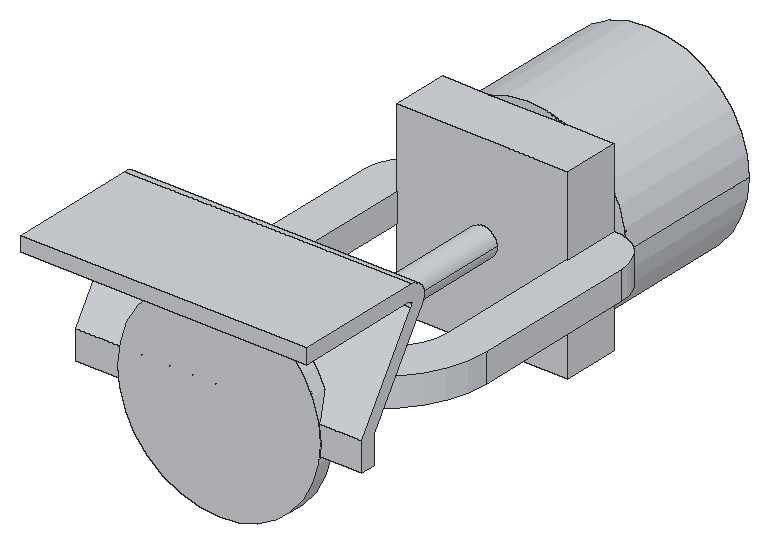
Revit family
Parameters (values of type "RASCO F1FR56 HSW")
  Temperature Rating = 200 °F
  Response = 1
  RASCO SIN # = "RA1435"
  RASCO Part # = "F1FR56H2W"
  Pressure Rating = "175 PSI"
  Pressure Class = (empty or 0)
  Orifice Size = 1/2"
  Orifice = (empty or 0)
  Model = "F1FR56"
  Manufacturer = "RASCO"
  K-Factor = 5.6
  Description = "White Finish"
  Coverage = (empty or 0)
Reference planes (in)
  plane 1 "Center (Front/Back)": y = 0
  plane 2: z = 0
  plane 3 "Center (Left/Right)": x = 0
Dimensions and locks (in)
  aligned and locked: plane 2 to level
Nested families (in)
  nested 1: "F1FR56H2W" at (0, 0, 0), type "RASCO  F1FR56 HSW"
Connectors (in)
  piping at (-0.01236, 1.34926, 1.25584)
    settings: on nested 1, index 1, connector radius 115/256", flow factor 0, pipe flow 0 GPM, pressure drop 0.00 psi, fitting loss kfactor 0, connector angle 0.00°, fixture units 0, flow configuration 0, flow direction 0, fitting loss method 0, system type 7, connector reference index -1, connector utility 0, adjustable connector no, is connector primary yes, fitting loss table "", connector description ""
Definition of nested family "F1FR56H2W"
  Parameters (values of type "RASCO  F1FR56 HSW")
    Type Comments = ""
    Temperature Rating = 0 °F
    Response = (empty or 0)
    Pressure Rating = "0"
    Pressure Class = (empty or 0)
    Orifice Size = 0"
    Orifice = (empty or 0)
    Model = ""
    Manufacturer = ""
    K-Factor = 0
    Description = ""
    Coverage = (empty or 0)
    Assembly Code = ""
  Reference planes (in)
    plane 1 "Center (Front/Back)": y = 0
    plane 2: z = 0
    plane 3 "ref.2": z = 0.6875
    plane 4 "ref.3": z = 0.9375
    plane 5: x = -0.38065
    plane 6: x = 0.36935
    plane 7 "ref. side 1": y = 0.06402
    plane 8 "ref. side 2": y = -0.06098
    plane 9 "ref.4": z = 1.875
    plane 10 "ref.5": z = 2.3125
    plane 11 "ref.6": z = 2.4375
    plane 12 "center": x = -0.00574
  Forms (in)
    Extrusion 1, solid
      sketch origin (-0.01236, 1.37309, 1.25584) x (-1, 0, 0) y (0, 0, -1)
        loop
          circle (0, 0) r 0.4379
      from 0.02383 to 0.6875
    Extrusion 2, solid
      sketch origin (0.10949, 0.68559, 1.20407) x (-1, 0, 0) y (0, 0, -1)
        loop
          line (-0.2588, 0.356) -> (-0.2588, -0.4565) -> (0.4912, -0.4565) -> (0.4912, 0.356) -> (-0.2588, 0.356)
      from 0 to 0.25
    Extrusion 3, solid
      sketch origin (-0.01236, 1.3722, 1.25584) x (-1, 0, 0) y (0, -1, 0)
        loop
          line (-0.38065, 0.68754) -> (-0.38065, 1.58397)
          arc (-0.38065, 1.58397) -> (-0.29541, 1.78976) -> (-0.08962, 1.875) r 0.29103
          line (-0.08962, 1.875) -> (0.07524, 1.875)
          arc (0.07524, 1.875) -> (0.28321, 1.78886) -> (0.36935, 1.58089) r 0.29411
          line (0.36935, 1.58089) -> (0.36935, 0.68751)
          arc (0.36935, 0.68751) -> (0.50207, 0.74393) -> (0.55685, 0.87734) r 0.18984
          line (0.55685, 0.87734) -> (0.55685, 1.61676)
          arc (0.55685, 1.61676) -> (0.42629, 1.93194) -> (0.11111, 2.0625) r 0.44574
          line (0.11111, 2.0625) -> (-0.12259, 2.0625)
          arc (-0.12259, 2.0625) -> (-0.43765, 1.932) -> (-0.56815, 1.61694) r 0.44556
          line (-0.56815, 1.61694) -> (-0.56815, 0.87876)
          arc (-0.56815, 0.87876) -> (-0.51345, 0.74486) -> (-0.38065, 0.68754) r 0.19126
      from -0.06402 to 0.06098
    Extrusion 4, solid
      sketch origin (-0.01236, 0.43559, 1.25584) x (1, 0, 0) y (0, 0, 1)
        loop
          circle (0.00574, -0.00152) r 0.0625
      from 0 to 0.9375
    Extrusion 5, solid
      sketch origin (-0.01236, -0.50191, 1.25584) x (1, 0, 0) y (0, 0, 1)
        loop
          circle (0.00574, -0.00152) r 0.1875
      from 0 to 0.4375
    Extrusion 6, solid
      sketch origin (-0.01236, -0.89954, 1.2504) x (-1, 0, 0) y (0, 0, 1)
        loop
          circle (-0.00574, -0.00152) r 0.44275
      from -0.10531 to -0.03987
    Extrusion 7, solid
      sketch origin (-0.00662, 1.2679, 1.26334) x (0, -1, 0) y (0, 0, 1)
        loop
          line (2.27263, -0.06402) -> (2.27263, 0.06098) -> (2.00466, 0.4658)
          arc (2.00466, 0.4658) -> (2.00382, 0.48409) -> (2.01953, 0.49348) r 0.01783
          line (2.01953, 0.49348) -> (2.57559, 0.49348) -> (2.57559, 0.55848) -> (2.00257, 0.55848)
          arc (2.00257, 0.55848) -> (1.94355, 0.52319) -> (1.9467, 0.4545) r 0.067
          line (1.9467, 0.4545) -> (2.20719, 0.06098) -> (2.20719, -0.06402) -> (2.27263, -0.06402)
      from -0.62515 to 0.62904
  Cuts and joins
    joined: Extrusion 1, Extrusion 2, Extrusion 4
